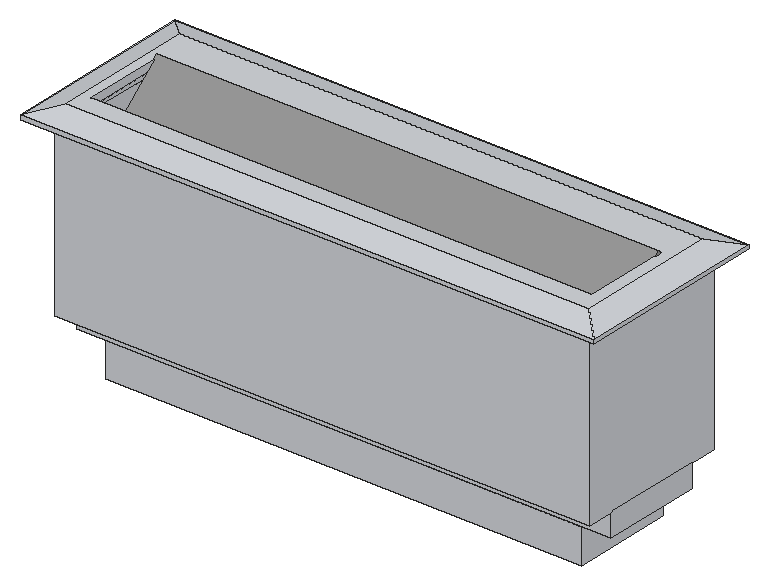
Revit family "2061260 Sylvania Lighting Fixture DOMINO 5xLED 930 OPAL AY TRIM WHITE", category Lighting Fixtures, host Face, Revit 2018
Family settings
  Host = Face
  Round Connector Dimension = Use Diameter
  Part Type = Normal
  OmniClass Number = 23.80.70.00
  OmniClass Title = Lighting
  Cut with Voids When Loaded = No
  Light Source = Yes
  Shared = No
  Room Calculation Point = No
Parameters (values of type "2061260 DOMINO 5XLED 930 OPAL ASYM TR WHT ")
  top top width = 15.812 mm
  top top length = 123 mm
  Width = 50 mm
  Weight = "n/a"
  Wattage Comments = ""
  Wattage = 9.2903 W
  WarrantyStartDate [instance] = "n/a"
  WarrantyGuarantorParts = "n/a"
  WarrantyDurationUnit = "n/a"
  WarrantyDurationParts = ""
  WarrantyDescription = "http://www.sylvania-lighting.com"
  built-in parameter 1150110 = 1 (stored number, unit not read)
  Voltage = 0 V
  URL = "0.6"
  TypeName = "DOMINO 5xLED 930 OPAL AY TRIM WHITE"
  Type Image = <None>
  Type Comments = "n/a"
  built-in parameter 1114217 = 1 (stored number, unit not read)
  Top Width = 26 mm
  Tilt Angle = 90.00°
  built-in parameter 1150109 = 1 (stored number, unit not read)
  built-in parameter 1150134 = 3
  built-in parameter 1150113 = 1 (stored number, unit not read)
  SerialNumber [instance] = "n/a"
  Recessed Width = 43 mm
  Recessed Length = 143 mm
  Photometric Web File = "2061260.ies"
  Material_3_FEILO = none
  PowerFactor = 0
  PowerConsumption = "Lighting"
  NominalLength = 50 mm
  NominalHeight = 0 mm
  NominalDepth = 0 mm
  Name = "DOMINO 5xLED 930 OPAL AY TRIM WHITE"
  ModelReference = Name  # "DOMINO 5xLED 930 OPAL AY TRIM WHITE"
  ModelNumber = "2061260"
  Model = Name  # "DOMINO 5xLED 930 OPAL AY TRIM WHITE"
  Material = "Feilo Sylvania"
  ManufacturerName = "56 lm/W"
  Manufacturer = ""
  LuminousEfficacy = ""
  built-in parameter 1150105 = 109.82 (stored number, unit not read)
  Lumens = 1380 lm
  LuminaireType = "0"
  built-in parameter 1150115 = 1 (stored number, unit not read)
  LightOutputRatio = "LED"
  built-in parameter 1150137 = (empty or 0)
  built-in parameter 1150139 = (empty or 0)
  Lens inside recess = 25 mm
  Lens Width = 32 mm
  Lens Outside recess = 31.978 mm
  Lens = Glass, White, High Luminance
  Length = 148 mm
  LampsType = Lamp  # "n/a"
  LampNominalLuminous = "3000 K"
  LampMacAdamStep = "90"
  LampColourTemperature = "LED"
  LampColourRenderingIndex = "16500"
  built-in parameter 1150112 = 1 (stored number, unit not read)
  built-in parameter 1150114 = 1 (stored number, unit not read)
  Lamp = "n/a"
  Keynote = "n/a"
  InstallationDate [instance] = "n/a"
  InputVoltage = "0"
  InputNominalFrequency = "3000"
  built-in parameter 1150132 = (empty or 0)
  built-in parameter 1150102 = (empty or 0)
  built-in parameter 1150107 = 3200 (stored number, unit not read)
  built-in parameter 1150138 = (empty or 0)
  IngressProtection = "IfcLightFixtureType"
  ImpactProtectionIndex = "IfcLightFixtureType"
  built-in parameter 1150106 = 1.0982 (stored number, unit not read)
  IfcExportType = "IfcLightFixtureType"
  IfcExportAs = "Class II"
  Facia internal width = 37 mm
  Facia internal length = 135 mm
  Facia Height = 2 mm
  ExpectedLife = 50000
  Emit from Circle Diameter = 609.6 mm
  Emit Shape Visible in Rendering = no
  ElectricShockClassification = "56"
  built-in parameter 1150104 = 13.8 (stored number, unit not read)
  DurationUnit = "hours"
  DocumentationLiterature = "http://www.sylvania-lighting.com/product/en-int/products/2061260"
  DimmingControlOptions = "n/a"
  Material_2_FEILO = none
  Dimming Lamp Color Temperature Shift = <None>
  Description = "Modular LED recessed linear spotlight, ideal for retail and hospitality applications. Die-cast aluminium body, passive cooling. Two levels of reflector installation, low glaring. 5x LED source, asymmetric beam angle , optics: PMMA lens and polycarbonate reflector combination, opaline diffuser. Light color temperature: 3000K warm white, total system power: 13W , total fixture lumen output: 720lm, efficacy: 56 lm/W, Ra90 typical, LED chromacity: 3 step MacAdam ellipse (SDCM3), lifespan: 96,000 hours at 90% of the original output (L90B10), IR/UV free light source without heat radiation, operating voltage: 220-240V / 50-60Hz, electronic driver, ultra low flicker, non-dimmable , electrical protection: Class II. Degree of Protection: IP40/IP20, suitable for indoor environment only. Ceiling cut-out: 43x43mm, outer dimensions:  150x50mm trim frame RAL 9016 - Traffic white / Bezel color.5 years Warranty."
  Default Elevation = 1219.2 mm
  CreatedOn = "23/02/2021"
  CreatedBy = "@sylvania-lighting.com"
  Cost = 0
  Color Filter = 16777215
  built-in parameter 1114216 [instance] = (empty or 0)
  ClassificationValue = "EF_70_80"
  ClassificationName = "Uniclass2015"
  Material_1_FEILO = none
  Body Width = 40 mm
  Body Length = 138 mm
  BarCode [instance] = "n/a"
  built-in parameter 1114218 = 1 (stored number, unit not read)
  built-in parameter 1150133 = 10 (stored number, unit not read)
  AssetType = "Fixed"
  AssetIdentifier [instance] = "n/a"
  Assembly Code = "D5020200"
  Apparent Load = 13 VA
  Material_4_FEILO = none
Reference planes
  plane 1 "Center (Front/Back)": y = 0
  plane 2: z = 0
  plane 3 "Center (Left/Right)": x = 0
  plane 4: z = 0
  plane 5: z = -7
  plane 6: z = -45.895
  plane 7: z = -51.895
  plane 8: z = -60.895
  plane 9: x = -71.5
  plane 10: x = 71.5
  plane 11: y = 21.5
  plane 12: y = -21.5
  plane 13: x = -74
  plane 14: x = 74
  plane 15: y = 25
  plane 16: y = -25
  plane 17: x = 67.5
  plane 18: x = -67.5
  plane 19: y = 18.5
  plane 20: y = -18.5
  plane 21: z = 2
  plane 22: x = -69
  plane 23: x = 69
  plane 24: y = 20
  plane 25: y = -20
  plane 26: y = 13
  plane 27: y = -13
  plane 28: x = 61.5
  plane 29: x = -61.5
  plane 30: x = -65.5
  plane 31: y = 16.5
  plane 32: y = -16.472
  plane 33: x = -40.5
  plane 34: x = -41
  plane 35: x = -65
  plane 36: y = 13
  plane 37: y = -12.972
  plane 38: x = -39.5
  plane 39: x = -14.48
  plane 40: x = -13.48
  plane 41: x = 11.52
  plane 42: x = 12.52
  plane 43: x = 37.52
  plane 44: x = 38.52
  plane 45: x = 64.5
  plane 46: y = 8.5
  plane 47: y = -13.5
  plane 48: y = -4.5
Forms (mm)
  Extrusion 1, solid, not visible, detail levels medium+fine
    sketch origin (4.2, 0, 0) x (1, 0, 0) y (0, 1, 0)
      loop
        line (-29.2, 34.5) -> (-29.2, -34.5) -> (20.8, -34.5) -> (20.8, 34.5) -> (-29.2, 34.5)
    from 0 to 1
  Extrusion 2, solid, not visible, detail levels medium+fine
    sketch origin (4.044, 0, 0) x (1, 0, 0) y (0, 1, 0)
      loop
        line (-29.2, 34.5) -> (-29.2, -34.5) -> (20.8, -34.5) -> (20.8, 34.5) -> (-29.2, 34.5)
    from 0 to 1
  Blend 3, solid, not visible, detail levels medium+fine
    base sketch origin (4.2, 0, 0) x (1, 0, 0) y (0, 1, 0)
      loop
        line (-29.2, 34.5) -> (-29.2, -34.5) -> (20.8, -34.5) -> (20.8, 34.5) -> (-29.2, 34.5)
    top sketch origin (4.2, 0, 0) x (1, 0, 0) y (0, 1, 0)
      loop
        line (-21.7, 28) -> (-21.7, -28) -> (13.3, -28) -> (13.3, 28) -> (-21.7, 28)
    from 1 to 3
  Extrusion 4, solid, not visible, detail levels medium+fine
    sketch origin (3.419, 0, 0) x (1, 0, 0) y (0, 1, 0)
      loop
        line (-29.2, 34.5) -> (-29.2, -34.5) -> (20.8, -34.5) -> (20.8, 34.5) -> (-29.2, 34.5)
    from 0 to 1
  Blend 5, solid, not visible, detail levels medium+fine
    base sketch origin (3.575, 0, 0) x (1, 0, 0) y (0, 1, 0)
      loop
        line (-29.2, 34.5) -> (-29.2, -34.5) -> (20.8, -34.5) -> (20.8, 34.5) -> (-29.2, 34.5)
    top sketch origin (3.575, 0, 0) x (1, 0, 0) y (0, 1, 0)
      loop
        line (-21.7, 28) -> (-21.7, -28) -> (13.3, -28) -> (13.3, 28) -> (-21.7, 28)
    from 1 to 3
  Extrusion 6, solid, not visible, detail levels medium+fine
    sketch origin (4.247, 0, 0) x (1, 0, 0) y (0, 1, 0)
      loop
        line (-29.2, 34.5) -> (-29.2, -34.5) -> (20.8, -34.5) -> (20.8, 34.5) -> (-29.2, 34.5)
    from 0 to 1
  Blend 7, solid, not visible, detail levels medium+fine
    base sketch origin (4.403, 0, 0) x (1, 0, 0) y (0, 1, 0)
      loop
        line (-29.2, 34.5) -> (-29.2, -34.5) -> (20.8, -34.5) -> (20.8, 34.5) -> (-29.2, 34.5)
    top sketch origin (4.403, 0, 0) x (1, 0, 0) y (0, 1, 0)
      loop
        line (-21.7, 28) -> (-21.7, -28) -> (13.3, -28) -> (13.3, 28) -> (-21.7, 28)
    from 1 to 3
  Extrusion 8, void, detail levels medium+fine
    sketch origin (4.2, 0, 0) x (0, 1, 0) y (1, 0, 0)
      loop
        line (21.5, -75.7) -> (21.5, 67.3) -> (-21.5, 67.3) -> (-21.5, -75.7) -> (21.5, -75.7)
    from -9.934 to 83.097
  Extrusion 9, solid, detail levels medium+fine
    sketch origin (4.2, 0, 0) x (1, 0, 0) y (0, 1, 0)
      loop
        line (-78.2, 25) -> (-78.2, -25) -> (69.8, -25) -> (69.8, 25) -> (-78.2, 25)
    from 0 to 1
  Extrusion 10, solid, detail levels medium+fine
    sketch origin (4.2, 0, 0) x (1, 0, 0) y (0, 1, 0)
      loop
        line (-73.2, 20) -> (-73.2, -20) -> (64.8, -20) -> (64.8, 20) -> (-73.2, 20)
    from 0 to -45.895
  Extrusion 11, solid, detail levels medium+fine
    sketch origin (4.2, 0, 0) x (1, 0, 0) y (0, 1, 0)
      loop
        line (-73.2, 13) -> (-73.2, -13) -> (64.8, -13) -> (64.8, 13) -> (-73.2, 13)
    from -51.895 to -45.895
  Blend 12, solid, detail levels medium+fine
    base sketch origin (4.2, 0, 0) x (1, 0, 0) y (0, 1, 0)
      loop
        line (-78.2, 25) -> (-78.2, -25) -> (69.8, -25) -> (69.8, 25) -> (-78.2, 25)
    top sketch origin (4.2, 0, 0) x (1, 0, 0) y (0, 1, 0)
      loop
        line (-71.7, 18.5) -> (-71.7, -18.5) -> (63.3, -18.5) -> (63.3, 18.5) -> (-71.7, 18.5)
    from 1 to 3
  Extrusion 13, solid, detail levels fine
    sketch origin (0, 0, 0) x (1, 0, 0) y (0, 0, 1)
      loop
        line (-61.5, -51.895) -> (-61.5, -60.895) -> (61.5, -60.895) -> (61.5, -51.895) -> (-61.5, -51.895)
    from -13 to 13
  Blend 14, void
    base sketch origin (109.202, 0, 0) x (0, 1, 0) y (-1, 0, 0)
      loop
        line (8.5, 174.202) -> (-13.5, 174.202) -> (-13.5, 44.7) -> (8.5, 44.7) -> (8.5, 174.202)
    top sketch origin (109.202, 0, 0) x (0, 1, 0) y (-1, 0, 0)
      loop
        line (-3.687, 174.202) -> (-4.5, 174.202) -> (-4.5, 44.7) -> (-3.687, 44.7) -> (-3.687, 174.202)
    from 3 to -7
  Extrusion 15, solid, detail levels coarse
    sketch origin (4.2, 0, 0) x (1, 0, 0) y (0, 1, 0)
      loop
        line (-78.2, 25) -> (-78.2, -25) -> (69.8, -25) -> (69.8, 25) -> (-78.2, 25)
    from 3 to -60.895
  Extrusion 16, solid, material "Glass, White, High Luminance", detail levels fine
    sketch origin (319, 1524, 1219.2) x (0, 1, 0) y (0, 0, 1)
      loop
        line (-1527.686, -1226.198) -> (-1515.5, -1216.2) -> (-1516.144, -1215.415) -> (-1528.33, -1225.413) -> (-1527.686, -1226.198)
    from -384 to -254.498
Cuts and joins
  Blend 14 cuts Extrusion 9
  Blend 14 cuts Extrusion 10
  Blend 14 cuts Blend 12
Dimensions and locks
  "Recessed Length": plane 9 to plane 10
  equal spacing: plane 9, plane 3 "Center (Left/Right)", plane 10
  "Length": plane 13 to plane 14
  equal spacing: plane 13, plane 3 "Center (Left/Right)", plane 14
  "Recessed Width": plane 11 to plane 12
  equal spacing: plane 11, plane 1 "Center (Front/Back)", plane 12
  "Width": plane 15 to plane 16
  equal spacing: plane 15, plane 1 "Center (Front/Back)", plane 16
  "Facia internal length": plane 18 to plane 17
  equal spacing: plane 18, plane 3 "Center (Left/Right)", plane 17
  "Facia internal width": plane 19 to plane 20
  equal spacing: plane 19, plane 1 "Center (Front/Back)", plane 20
  "Facia Height": plane 21 to host face
  "Body Length": plane 22 to plane 23
  equal spacing: plane 22, plane 3 "Center (Left/Right)", plane 23
  "Body Width": plane 24 to plane 25
  equal spacing: plane 24, plane 1 "Center (Front/Back)", plane 25
  "Top Width": plane 26 to plane 27
  equal spacing: plane 26, plane 1 "Center (Front/Back)", plane 27
  "top top length": plane 29 to plane 28
  equal spacing: plane 29, plane 3 "Center (Left/Right)", plane 28  (x2)
  plane 28 to plane 29 = 123 mm
  equal spacing: plane 28, plane 3 "Center (Left/Right)", plane 29
  aligned and locked: plane 2 to host face
  aligned and locked: level to host face
  aligned and locked: Extrusion 11 to plane 7
  aligned and locked: Extrusion 10 to plane 6
Automatic sketch dimensions
  Extrusion 1 sketch curve to Extrusion 1 sketch curve = 50 mm
  Extrusion 1 sketch curve to Extrusion 1 sketch curve = 69 mm
  Extrusion 2 sketch curve to Extrusion 2 sketch curve = 50 mm
  Extrusion 2 sketch curve to Extrusion 2 sketch curve = 69 mm
  Blend 3 sketch curve to Blend 3 sketch curve = 50 mm
  Blend 3 sketch curve to Blend 3 sketch curve = 69 mm
  Blend 3 sketch curve to Blend 3 sketch curve = 35 mm
  Blend 3 sketch curve to Blend 3 sketch curve = 56 mm
  Extrusion 4 sketch curve to Extrusion 4 sketch curve = 50 mm
  Extrusion 4 sketch curve to Extrusion 4 sketch curve = 69 mm
  Blend 5 sketch curve to Blend 5 sketch curve = 50 mm
  Blend 5 sketch curve to Blend 5 sketch curve = 69 mm
  Blend 5 sketch curve to Blend 5 sketch curve = 35 mm
  Blend 5 sketch curve to Blend 5 sketch curve = 56 mm
  Extrusion 6 sketch curve to Extrusion 6 sketch curve = 50 mm
  Extrusion 6 sketch curve to Extrusion 6 sketch curve = 69 mm
  Blend 7 sketch curve to Blend 7 sketch curve = 50 mm
  Blend 7 sketch curve to Blend 7 sketch curve = 69 mm
  Blend 7 sketch curve to Blend 7 sketch curve = 35 mm
  Blend 7 sketch curve to Blend 7 sketch curve = 56 mm
  host sketch curve to host sketch curve = 2438.4 mm  (x2)
  Extrusion 8 sketch curve to plane 9 = 0 mm
  Extrusion 8 sketch curve to plane 12 = 0 mm
  Extrusion 8 sketch curve to plane 11 = 0 mm
  Extrusion 8 sketch curve to plane 10 = 0 mm
  Extrusion 9 sketch curve to plane 13 = 0 mm
  Extrusion 9 sketch curve to plane 14 = 0 mm
  Extrusion 9 sketch curve to plane 16 = 0 mm
  Extrusion 9 sketch curve to plane 15 = 0 mm
  Extrusion 10 sketch curve to plane 22 = 0 mm
  Extrusion 10 sketch curve to plane 23 = 0 mm
  Extrusion 10 sketch curve to plane 25 = 0 mm
  Extrusion 10 sketch curve to plane 24 = 0 mm
  Extrusion 11 sketch curve to plane 22 = 0 mm
  Extrusion 11 sketch curve to plane 23 = 0 mm
  Extrusion 11 sketch curve to plane 27 = 0 mm
  Extrusion 11 sketch curve to plane 26 = 0 mm
  Blend 12 sketch curve to plane 13 = 0 mm
  Blend 12 sketch curve to plane 14 = 0 mm
  Blend 12 sketch curve to plane 16 = 0 mm
  Blend 12 sketch curve to plane 15 = 0 mm
  Blend 12 sketch curve to plane 18 = 0 mm
  Blend 12 sketch curve to plane 17 = 0 mm
  Blend 12 sketch curve to plane 20 = 0 mm
  Blend 12 sketch curve to plane 19 = 0 mm
  Extrusion 13 sketch curve to plane 8 = 0 mm
  Extrusion 13 sketch curve to plane 29 = 0 mm
  Extrusion 13 sketch curve to plane 28 = 0 mm
  Extrusion 13 sketch curve to plane 7 = 0 mm
  Extrusion 15 sketch curve to plane 13 = 0 mm
  Extrusion 15 sketch curve to plane 14 = 0 mm
  Extrusion 15 sketch curve to plane 16 = 0 mm
  Extrusion 15 sketch curve to plane 15 = 0 mm
  Blend 14 sketch curve to plane 35 = 0 mm  (x2)
  Blend 14 sketch curve to plane 47 = 0 mm
  Blend 14 sketch curve to plane 46 = 0 mm
  plane 45 to Blend 14 sketch curve = 0.002 mm  (x2)
  Blend 14 sketch curve to plane 48 = 0 mm
  plane 48 to Blend 14 sketch curve = 0.813 mm
  plane 5 to Extrusion 16 sketch curve = 0.002 mm
  Extrusion 16 sketch curve to plane 46 = 0 mm
  Extrusion 16 sketch curve to plane 46 = 0.644 mm
  Extrusion 16 sketch curve to Extrusion 16 sketch curve = 0.785 mm
  plane 48 to Extrusion 16 sketch curve = 0.17 mm
Connectors
  electrical at (0, 0, -60.895)
    settings: on Extrusion 13, index 1, voltage 0 V, apparent load 0 VA, apparent load phase1 0 VA, apparent load phase2 0 VA, apparent load phase3 0 VA, power factor 1, load classification "Other", number of poles 1, system type 31, power factor state 1, is connector primary yes, connector utility no, sub classification motor no, connector description ""
